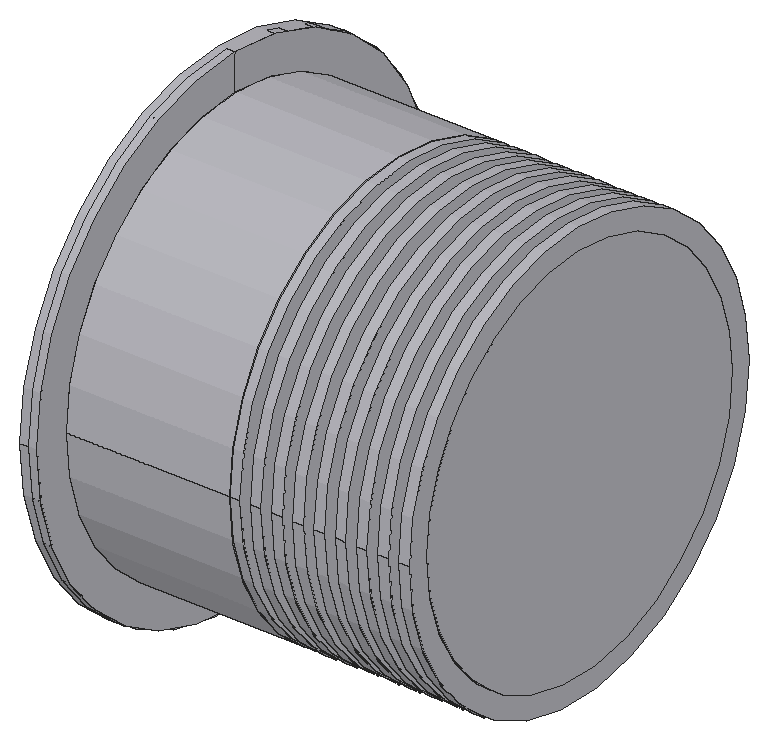
Revit family "14MPHR Clamp Rubber Hose Adapter-316L", category Pipe Accessories, Revit 2018
Family settings
  Round Connector Dimension = Use Diameter
  Part Type = Valve - Breaks Into
  Work Plane-Based = No
  Always vertical = Yes
  Cut with Voids When Loaded = No
  Shared = No
Parameters (values of type "14MPHR Clamp Rubber Hose Adapter")
  vs2 = 0.200"  # constant formula
  vs = 0.100"  # constant formula
  void1 [instance] = size_lookup(LookupTable, "void1", 0.000", Reducd Code)  # 0.200"
  v1 = 0.093"  # constant formula
  reduced pipe radius [instance] = reduced pipe diameter / 2  # 2.000"
  reduced pipe diameter [instance] = 4.000"
  pipe radius [instance] = Nominal Diameter / 2  # 2.000"
  inset [instance] = FT1 / 2  # 0.078"
  Weight [instance] = size_lookup(LookupTable, "Weight", "NA", Reducd Code)  # "1.65 lbs."
  VR [instance] = reduced pipe radius - void1  # 1.800"
  URL = "http://www.fnw.com"
  Standards Lookup Table = "Standards"  # constant formula
  Reducd Code [instance] = Nominal 1 Code + reduced pipe diameter  # 804.000"
  R1 [instance] = size_lookup(LookupTable, "R1", 2.000", Reducd Code)  # 2.341"
  Product ID [instance] = size_lookup(LookupTable, "ProductID", "NA", Reducd Code)  # "4830695"
  Part Number [instance] = size_lookup(LookupTable, "PartNumber", "NA", Reducd Code)  # "G14MPHR76P"
  Nominal Diameter [instance] = 4"
  Nominal 1 Code [instance] = if(Nominal Diameter = 0.500", 100.000", if(Nominal Diameter = 0.750", 200.000", if(Nominal Diameter = 1.000", 300.000", if(Nominal Diameter = 1.500", 400.000", if(Nominal Diameter = 2.000", 500.000", if(Nominal Diameter = 2.500", 600.000", if(Nominal Diameter = 3.000", 700.000", if(Nominal Diameter = 4.000", 800.000", if(Nominal Diameter = 6.000", 900.000", 0.000")))))))))  # 800.000"
  LookupTable = "14MPHR"  # constant formula
  FT1 [instance] = size_lookup(LookupTable, "FT1", 4.000", Reducd Code)  # 0.156"
  Description BOM [instance] = size_lookup(LookupTable, "Description_BOM", "NA", Reducd Code)  # "4X4 316L CLMPXHOSE ADPT #7"
  Array [instance] = A / (vs * 2) / 2  # 9
  A [instance] = size_lookup(LookupTable, "A", 4.000", Reducd Code)  # 3.406"
Reference planes (in)
  plane 1 "Center (Front/Back)": y = 0
  plane 2: z = 0
  plane 3 "Center (Left/Right)": x = 0
  plane 4: z = 2
  plane 5: x = -1.703
  plane 6: x = 1.703
  plane 7: z = 2.341
  plane 8: x = -1.547
  plane 9: z = 1.8
  plane 10: z = 2
  plane 11: x = -1.625
  plane 12: x = 0.1
  plane 13: x = 0.2
  plane 14: x = 0.3
  plane 15: x = 0.4
  plane 16: x = 0.5
  plane 17: x = 0.6
  plane 18: x = 0.7
  plane 19: x = 0.8
  plane 20: x = 0.9
Forms (in)
  Extrusion 1, solid, material "Steel, Stainless"
    sketch origin (0, 0, 0) x (0, 1, 0) y (0, 0, 1)
      loop
        circle (0, 0) r 2
      loop
        circle (0, 0) r 2.341
    from -1.703 to -1.547
  Revolve 2, solid, material "Steel, Stainless"
    sketch origin (0, 0, 0) x (1, 0, 0) y (0, 0, 1)
      loop
        line (-1.625, 2.341) -> (-1.625, 2) -> (-1.547, 2) -> (-1.547, 2.341) -> (-1.625, 2.341)
      axis (-1.547, 0) -> (-1.625, 0)
    angle from 0 to 360
  Revolve 3, solid, not visible
    sketch origin (0, 0, 0) x (1, 0, 0) y (0, 0, 1)
      loop
        line (0, 0.0632) -> (0, 0) -> (1.703, 0) -> (1.703, 0.0632) -> (0, 0.0632)
      axis (0, 0) -> (1.703, 0)
    angle from 0 to 360
  Extrusion 4, solid, material "Steel, Stainless"
    sketch origin (0, 0, 0) x (0, 1, 0) y (0, 0, 1)
      loop
        circle (0, 0) r 2
    from -1.547 to 0
  Extrusion 5, solid, material "Steel, Stainless"
    sketch origin (0, 0, 0) x (0, 1, 0) y (0, 0, 1)
      loop
        circle (0, 0) r 1.8
    from 0 to 1.703
Text (in)
  text "1/2\" shown" at (2.42436, 0, -2.37906), in view "Front"
Dimensions and locks (in)
  equal spacing: plane 6, plane 3 "Center (Left/Right)", plane 5
  "A": plane 6 to plane 5
  "pipe radius": plane 4 to plane 2
  "R1": plane 7 to plane 2
  "FT1": plane 8 to plane 5
  "reduced pipe radius": plane 10 to plane 2
  "void1": plane 10 to plane 9
  "inset": plane 11 to plane 5
  Revolve 3 sketch curve to plane 2 = 0.0632"
  equal spacing: group 1, group 2, group 3, group 4, group 9, group 10, group 11, group 12, group 13  (x3)
  equal spacing: group 5, group 6, group 7, group 8, group 14, group 15, group 16, group 17, group 18  (x3)
  "pipe radius": radius of Extrusion 1 sketch curve
  "R1": radius of Extrusion 1 sketch curve
  "reduced pipe radius": radius of Extrusion 4 sketch curve
  "VR": radius of Extrusion 5 sketch curve
  aligned and locked: plane 2 to level
  aligned and locked: Extrusion 1 to plane 5
  aligned and locked: Extrusion 1 to plane 8
  aligned and locked: plane 10 to Revolve 2 sketch curve
  aligned and locked: plane 7 to Revolve 2 sketch curve
  aligned and locked: plane 11 to Revolve 2 sketch curve
  aligned and locked: Revolve 2 sketch curve to plane 8
  aligned and locked: Revolve 3 sketch curve to plane 6
  aligned and locked: plane 3 "Center (Left/Right)" to Revolve 3 sketch curve
  aligned and locked: Extrusion 4 to plane 8
  aligned and locked: plane 3 "Center (Left/Right)" to Extrusion 4
  aligned and locked: Extrusion 5 to plane 6
Automatic sketch dimensions
  Revolve 2 sketch curve to level = 0.000"
  Revolve 2 sketch curve to plane 5 = 0.26556"
  plane 11 to Revolve 2 sketch curve = 0.01479"
  Revolve 3 sketch curve to level = 0.000"  (x2)
  Revolve 3 sketch curve to plane 3 "Center (Left/Right)" = 0.05357"
  Revolve 3 sketch curve to Revolve 3 sketch curve = 0.250"
  Extrusion 1 sketch curve to Extrusion 1 sketch curve = 0.000"  (x2)
  Extrusion 1 sketch curve to level = 0.000"
  Extrusion 1 sketch curve to plane 1 "Center (Front/Back)" = 0.000"
  Extrusion 4 sketch curve to level = 0.000"
  Extrusion 4 sketch curve to plane 1 "Center (Front/Back)" = 0.000"
  Extrusion 5 sketch curve to level = 0.000"
  Extrusion 5 sketch curve to plane 1 "Center (Front/Back)" = 0.000"
Nested families (in)
  nested 1: "nested flare" at (0, 0, 0), Mt <- "vs", Rad <- "reduced pipe radius", type "nested flare"
    with Rad 2.000", Mt 0.100"
  nested 2: "nested flare" at (0.2, 0, 0), Mt <- "vs", Rad <- "reduced pipe radius", type "nested flare"
    with Rad 2.000", Mt 0.100"
  nested 3: "nested flare" at (0.4, 0, 0), Mt <- "vs", Rad <- "reduced pipe radius", type "nested flare"
    with Rad 2.000", Mt 0.100"
  nested 4: "nested flare" at (0.6, 0, 0), Mt <- "vs", Rad <- "reduced pipe radius", type "nested flare"
    with Rad 2.000", Mt 0.100"
  nested 5: "nested flare" at (0.8, 0, 0), Mt <- "vs", Rad <- "reduced pipe radius", type "nested flare"
    with Rad 2.000", Mt 0.100"
  nested 6: "nested flare" at (1, 0, 0), Mt <- "vs", Rad <- "reduced pipe radius", type "nested flare"
    with Rad 2.000", Mt 0.100"
  nested 7: "nested flare" at (1.2, 0, 0), Mt <- "vs", Rad <- "reduced pipe radius", type "nested flare"
    with Rad 2.000", Mt 0.100"
  nested 8: "nested flare" at (1.4, 0, 0), Mt <- "vs", Rad <- "reduced pipe radius", type "nested flare"
    with Rad 2.000", Mt 0.100"
  nested 9: "nested flare" at (1.6, 0, 0), Mt <- "vs", Rad <- "reduced pipe radius", type "nested flare"
    with Rad 2.000", Mt 0.100"
Connectors (in)
  piping at (-1.703, 0, 0), diameter 4, driven by "Nominal Diameter"
    settings: on Extrusion 1, index 1, connector inside diameter 24", connector length 0.000", flow factor 0, pipe flow 0 GPM, pressure drop 0.00 psi, fitting loss kfactor 0, connector angle 0.00°, fixture units 0, engagement length 0.000", angle of deflection 0.00°, flow configuration 0, flow direction 0, fitting loss method 0, system type 16, joint type 0, gender type 0, connector reference index -1, connector utility 0, adjustable connector no, is connector primary yes, connector description ""
  piping at (1.703, 0, 0), diameter 4, driven by "reduced pipe diameter"
    settings: on Revolve 3, index 2, connector inside diameter 24", connector length 0.000", flow factor 0, pipe flow 0 GPM, pressure drop 0.00 psi, fitting loss kfactor 0, connector angle 0.00°, fixture units 0, engagement length 0.000", angle of deflection 0.00°, flow configuration 0, flow direction 0, fitting loss method 0, system type 16, joint type 0, gender type 0, connector reference index -1, connector utility 0, adjustable connector no, is connector primary no, connector description ""
Definition of nested family "nested flare"
  Parameters (values of type "nested flare")
    Rad [instance] = 2.000"
    Mt [instance] = 0.71628"
  Reference planes (in)
    plane 1 "Center (Front/Back)": y = 0
    plane 2: z = 0
    plane 3 "Center (Left/Right)": x = 0
  Forms (in)
    Extrusion 1, solid
      sketch origin (0, 0, 0) x (0, 1, 0) y (0, 0, 1)
        loop
          circle (0, 0) r 2
      from 0 to 0.71628
  Lines and regions (in)
    reference lines
      curve 1: line (-2.25, 0, 0) -> (5.25, 0, 0)
      curve 2: line (0, 0, 3.5) -> (0, 0, -5.25)
  Dimensions and locks (in)
    "Mt": Extrusion 1 to plane 3 "Center (Left/Right)"
    "Rad": radius of Extrusion 1 sketch curve
    aligned and locked: plane 2 to level
    aligned and locked: curve 1 to plane 2
    aligned and locked: curve 2 to plane 3 "Center (Left/Right)"
  Automatic sketch dimensions
    curve 1 to plane 3 "Center (Left/Right)" = 2.250"
    plane 3 "Center (Left/Right)" to curve 1 = 5.250"
    curve 2 to level = 5.250"
    level to curve 2 = 3.500"
    Extrusion 1 sketch curve to level = 0.000"
    Extrusion 1 sketch curve to plane 1 "Center (Front/Back)" = 0.000"
